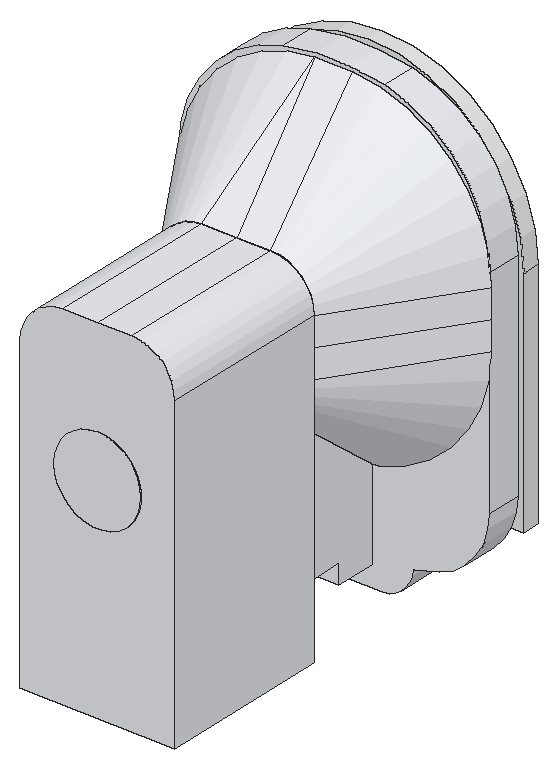
Revit family "Deca_Bacia Sanitária Convencional Vogue Plus_P.5", category Plumbing Fixtures, host Face, Revit 2012
Parameters (values of type "P.5_Branco Gelo GE17")
  WFU = 0
  Vendido Separadamente = "Anel de vedação (AV.90.01 ); Tubo de ligação com anel expansor: Cromado (1968.C), Branco (1968.E.BR), Dourado (1968.D).   Parafuso de fixação: Cromado (SP.121.01). Assentos Compatíveis:   Assento Plástico: Branco (AP.50.17), Creme(AP.50.37) e Cinza(AP.50.87).    Assento termofixo Slow Close e Easy Clean:  Branco(AP.516.17), Creme(AP.516.37) e Cinza(AP.516.87). Assento Poliéster - Fixação Cromada: Branco(AP.51.17), Creme(AP.51.37) e Cinza(AP.51.87).    Assento Poliéster - Fixação Dourada: Branco(AP.510.17), Creme(AP.510.37) e Cinza(AP.510.87)."  # constant formula
  Variações de COR = "Branco (P.5.17); Creme (P.5.37); Cinza (P.5.87)."  # constant formula
  URL = "www.deca.com.br/produtos"
  Segmento = "Médio"  # constant formula
  Raio Água Fria = 7.5 mm  # constant formula
  Raio Ponto de Esgoto = 50 mm  # constant formula
  Produto = "Bacia sanitária convencional Vogue Plus"  # constant formula
  Pressão = "2 a 40 mca"  # constant formula
  Peso Liquido (Kg) = 23
  Norma = "ABNT NBR 15097-1: 2011"  # constant formula
  Model = Código  # "P.5.17"
  Material = "Deca_Vitreous China"  # constant formula
  Manufacturer = "Deca"  # constant formula
  Louça/Metais = "Louça"  # constant formula
  Linha = "Vogue Plus"  # constant formula
  Informações Complementares = ""
  Flow Pressure = 0.00 psi
  Diâmetro Água Fria = Raio Água Fria * 2  # 15 mm
  Diâmetro Ponto de Esgoto = Raio Ponto de Esgoto * 2  # 100 mm
  Description = "Bacia sanitária convencional"  # constant formula
  Default Elevation = 0 mm
  Código = "P.5.17"
  Created by = "Contino/quattroD"  # constant formula
  Consumo = "6 lpf"  # constant formula
  CWFU = 0
  Bacia = Deca GE17 Branco Gelo Cerâmica
  Atendimento ao Cliente = "0800-011-7073"  # constant formula
  Assento - Family [instance] = Deca_Shared_Assento_P.505 : AP.50_Branco Gelo GE17
  Assembly Code = "D2010100"
  Approved by = "Contino/quattroD"  # constant formula
  Acompanha o Produto = ""
Types (3, lengths in mm): name | Peso Liquido (Kg) | Model | Código | Bacia | Assento - Family
  P.5_Branco Gelo GE17 | 23 | "P.5.17" | "P.5.17" | Deca GE17 Branco Gelo Cerâmica | Deca_Shared_Assento_P.505 : AP.50_Branco Gelo GE17
  P.5_Creme CR37 | 20.5 | "P.5.37" | "P.5.37" | Deca CR37 Creme Cerâmica | Deca_Shared_Assento_P.505 : AP.50_Creme CR37
  P.5_Cinza Real CZ87 | 20.5 | "P.5.87" | "P.5.87" | Deca CZ87 Cinza Real Cerâmica | Deca_Shared_Assento_P.505 : AP.50_Cinza Real CZ87
Reference planes
  plane 1 "Center (Front/Back)": y = 0
  plane 2: z = 0
  plane 3 "Center (Left/Right)": x = 0
  plane 4 "Top 1": y = 200
  plane 5 "Front 3": z = 300
  plane 6 "Front 1": z = 10
  plane 7 "Top 2": y = 380
  plane 8 "Front 4": z = 585
  plane 9 "Front 2": z = 172.813
Forms (mm)
  Extrusion 1, solid, material "Deca GE17 Branco Gelo Cerâmica" <- "Bacia"
    sketch origin (0, 0, 162.514) x (1, 0, 0) y (0, 0, 1)
      loop
        circle (0, 137.486) r 50
    from 0 to -5.261
  Extrusion 2, solid, not visible
    sketch origin (-150, -130, 0) x (1, 0, 0) y (0, 1, 0)
      loop
        circle (0, 330) r 6.35
    from 0 to -18.732
  Extrusion 3, solid, material "Deca GE17 Branco Gelo Cerâmica" <- "Bacia"
    sketch origin (0, 0, -20.288) x (1, 0, 0) y (0, 0, 1)
      loop
        line (-89.072, 75.287) -> (89.072, 75.287) -> (89.072, 433.147)
        arc (89.072, 433.147) -> (74.575, 468.147) -> (39.575, 482.644) r 49.497
        line (39.575, 482.644) -> (0, 482.644) -> (-39.575, 482.644)
        arc (-39.575, 482.644) -> (-74.575, 468.147) -> (-89.072, 433.147) r 49.497
        line (-89.072, 433.147) -> (-89.072, 75.287)
    from -200 to 0
  Extrusion 4, solid, material "Deca GE17 Branco Gelo Cerâmica" <- "Bacia"
    sketch origin (0, 0, -20.6) x (1, 0, 0) y (0, 0, 1)
      loop
        arc (-179.056, 199.574) -> (-163.296, 150.307) -> (-121.869, 119.334) r 84.886
        arc (-121.869, 119.334) -> (-107.155, 114.741) -> (-92.184, 111.074) r 247.093
        arc (-92.184, 111.074) -> (-80.524, 86.874) -> (-56.143, 75.599) r 39.79
        line (-56.143, 75.599) -> (56.143, 75.599)
        arc (56.143, 75.599) -> (80.526, 86.876) -> (92.184, 111.079) r 39.79
        arc (92.184, 111.079) -> (107.224, 114.764) -> (122.005, 119.381) r 247.592
        arc (122.005, 119.381) -> (163.338, 150.366) -> (179.056, 199.574) r 84.886
        line (179.056, 199.574) -> (179.056, 447.986)
        arc (179.056, 447.986) -> (145.172, 544.621) -> (58.359, 598.935) r 154.74
        arc (58.359, 598.935) -> (0, 605.442) -> (-58.359, 598.935) r 264.955
        arc (-58.359, 598.935) -> (-145.172, 544.621) -> (-179.056, 447.987) r 154.74
        line (-179.056, 447.987) -> (-179.056, 199.574)
    from -380 to -340
  Extrusion 5, solid, material "Deca GE17 Branco Gelo Cerâmica" <- "Bacia"
    sketch origin (0, 0, -21.85) x (0, 1, 0) y (0, 0, 1)
      loop
        line (200, 317.134) -> (200, 77.162) -> (258.669, 122.324) -> (292.274, 123.616) -> (292.274, 101.139) -> (340, 101.139) -> (340, 317.134) -> (200, 317.134)
    from -46.006 to 43.279
  Blend 6, solid, material "Deca GE17 Branco Gelo Cerâmica" <- "Bacia"
    base sketch origin (0, -72.626, 750.126) x (1, 0, 0) y (0, 0, 1)
      loop
        line (-89.072, -370.264) -> (-89.072, -403.262)
        arc (-89.072, -403.262) -> (-74.575, -438.262) -> (-39.575, -452.759) r 49.497
        line (-39.575, -452.759) -> (0, -452.759) -> (39.575, -452.759)
        arc (39.575, -452.759) -> (74.575, -438.262) -> (89.072, -403.262) r 49.497
        line (89.072, -403.262) -> (89.072, -370.264) -> (-89.072, -370.264)
    top sketch origin (0, -72.626, 750.126) x (1, 0, 0) y (0, 0, 1)
      loop
        line (-180.613, -370.264) -> (-180.613, -403.262)
        arc (-180.613, -403.262) -> (-134.583, -518.37) -> (-21.875, -570) r 166.94
        line (-21.875, -570) -> (21.875, -570)
        arc (21.875, -570) -> (134.583, -518.37) -> (180.613, -403.262) r 166.94
        line (180.613, -403.262) -> (180.613, -370.264) -> (-180.613, -370.264)
    from -272.626 to -412.626
  Blend 7, solid, material "Deca GE17 Branco Gelo Cerâmica" <- "Bacia"
    base sketch origin (0, -72.626, 9.598) x (1, 0, 0) y (0, 0, 1)
      loop
        line (-89.072, 370.264) -> (89.072, 370.264) -> (89.072, 403.262)
        arc (89.072, 403.262) -> (74.575, 438.262) -> (39.575, 452.759) r 49.497
        line (39.575, 452.759) -> (0, 452.759) -> (-39.575, 452.759)
        arc (-39.575, 452.759) -> (-74.575, 438.262) -> (-89.072, 403.262) r 49.497
        line (-89.072, 403.262) -> (-89.072, 370.264)
    top sketch origin (0, -72.626, 9.598) x (1, 0, 0) y (0, 0, 1)
      loop
        line (-180.613, 370.264) -> (180.613, 370.264) -> (180.613, 403.262)
        arc (180.613, 403.262) -> (134.583, 518.37) -> (21.875, 570) r 166.94
        line (21.875, 570) -> (-21.875, 570)
        arc (-21.875, 570) -> (-134.583, 518.37) -> (-180.613, 403.262) r 166.94
        line (-180.613, 403.262) -> (-180.613, 370.264)
    from -272.626 to -412.626
Lines and regions (mm)
  Masking region 1
    outline origin (-1074.976, 0, -15.357) x (1, 0, 0) y (0, 0, 1)
      loop
        arc (1016.617, 593.692) -> (929.804, 539.378) -> (895.92, 442.743) r 154.74
        line (895.92, 442.743) -> (895.92, 194.331)
        arc (895.92, 194.331) -> (911.68, 145.064) -> (953.107, 114.091) r 84.886
        arc (953.107, 114.091) -> (967.821, 109.497) -> (982.792, 105.83) r 247.093
        arc (982.792, 105.83) -> (995.739, 80.419) -> (1022.364, 70.199) r 39.79
        line (1022.364, 70.199) -> (1127.587, 70.199)
        arc (1127.587, 70.199) -> (1154.214, 80.421) -> (1167.16, 105.836) r 39.79
        arc (1167.16, 105.836) -> (1182.2, 109.52) -> (1196.981, 114.138) r 247.592
        arc (1196.981, 114.138) -> (1238.314, 145.123) -> (1254.032, 194.331) r 84.886
        line (1254.032, 194.331) -> (1254.032, 442.743)
        arc (1254.032, 442.743) -> (1220.148, 539.378) -> (1133.335, 593.692) r 154.74
        arc (1133.335, 593.692) -> (1074.976, 600.199) -> (1016.617, 593.692) r 264.955
  Masking region 2
    outline origin (0, -233.265, 1519.86) x (0, 0, -1) y (0, 1, 0)
      loop
        line (1430.605, 613.265) -> (943.539, 613.265)
        arc (943.539, 613.265) -> (937.297, 610.884) -> (934.584, 604.779) r 8.701
        arc (934.584, 604.779) -> (940.322, 567.814) -> (956.35, 534.014) r 129.973
        arc (956.35, 534.014) -> (996.969, 487.523) -> (1048.235, 453.125) r 236.543
        arc (1048.235, 453.125) -> (1060.719, 441.309) -> (1064.339, 424.505) r 29.05
        arc (1064.339, 424.505) -> (1056.666, 329.001) -> (1052.835, 233.265) r 2384.996
        line (1052.835, 233.265) -> (1466.602, 233.265) -> (1466.415, 410.392)
        arc (1466.415, 410.392) -> (1465.945, 416.407) -> (1465.445, 422.421) r 1191.948
        arc (1465.445, 422.421) -> (1455.087, 453.998) -> (1432.092, 477.992) r 74.942
        arc (1432.092, 477.992) -> (1422.82, 487.888) -> (1419.04, 500.912) r 29.095
        line (1419.04, 500.912) -> (1418.094, 525.539) -> (1440.571, 525.539) -> (1440.571, 603.299)
        arc (1440.571, 603.299) -> (1437.652, 610.346) -> (1430.605, 613.265) r 9.966
  Masking region 3
    outline origin (0, -558.935, 0) x (1, 0, 0) y (0, 1, 0)
      loop
        arc (-171.213, 938.935) -> (-175.595, 937.42) -> (-176.992, 932.999) r 5.159
        line (-176.992, 932.999) -> (-174.091, 909.333)
        arc (-174.091, 909.333) -> (-162.805, 869.063) -> (-140.251, 833.845) r 141.659
        arc (-140.251, 833.845) -> (-124.643, 817.628) -> (-107.426, 803.131) r 215.132
        arc (-107.426, 803.131) -> (-86.36, 777.28) -> (-80.329, 744.482) r 67.148
        line (-80.329, 744.482) -> (-88.641, 558.935) -> (88.641, 558.935) -> (80.203, 746.964)
        arc (80.203, 746.964) -> (86.892, 778.403) -> (107.426, 803.131) r 67.148
        arc (107.426, 803.131) -> (124.663, 817.647) -> (140.288, 833.886) r 215.286
        arc (140.288, 833.886) -> (162.816, 869.088) -> (174.091, 909.333) r 141.659
        line (174.091, 909.333) -> (176.992, 932.999)
        arc (176.992, 932.999) -> (175.595, 937.42) -> (171.213, 938.935) r 5.159
        line (171.213, 938.935) -> (-171.213, 938.935)
  symbolic lines
    curve 1: line (-171.213, 380, 0) -> (171.213, 380, 0)
    curve 2: arc (-87.244, 204.637, 0) -> (0, 190.501, 0) -> (87.244, 204.637, 0) r 276.28
    curve 3: arc (49.678, 0, 85.251) -> (86.347, 0, 89.314) -> (122.005, 0, 98.781) r 247.592
    curve 4: arc (52.611, 0, 54.842) -> (78.979, 0, 64.833) -> (92.106, 0, 89.789) r 39.79
    curve 5: line (52.611, 0, 54.842) -> (-52.611, 0, 54.842)
    curve 6: arc (-92.106, 0, 89.789) -> (-78.979, 0, 64.833) -> (-52.611, 0, 54.842) r 39.79
    curve 7: arc (-48.632, 0, 63.684) -> (-46.042, 0, 57.432) -> (-39.79, 0, 54.842) r 8.842
    curve 8: line (-48.632, 0, 85.438) -> (-48.632, 0, 63.684)
    curve 9: arc (39.799, 0, 54.842) -> (46.046, 0, 57.435) -> (48.633, 0, 63.684) r 8.842
    curve 10: line (48.633, 0, 85.438) -> (48.633, 0, 63.684)
    curve 11: arc (77.812, 0, 153.331) -> (70.296, 0, 145.816) -> (77.812, 0, 138.3) r 7.516
    curve 12: arc (77.812, 0, 138.3) -> (85.328, 0, 145.816) -> (77.812, 0, 153.331) r 7.516
    curve 13: arc (-77.812, 0, 153.331) -> (-85.328, 0, 145.816) -> (-77.812, 0, 138.3) r 7.516
    curve 14: arc (-77.812, 0, 138.3) -> (-70.296, 0, 145.816) -> (-77.812, 0, 153.331) r 7.516
    curve 15: line (-46.847, 0, 145.816) -> (-101.594, 0, 145.816)
    curve 16: line (-77.812, 0, 166.265) -> (-77.812, 0, 126.768)
    curve 17: line (77.812, 0, 160.52) -> (77.812, 0, 131.167)
    curve 18: line (99.16, 0, 145.816) -> (56.76, 0, 145.816)
    curve 19: arc (-102.612, 0, 209.614) -> (-0.045, 0, 186.893) -> (102.53, 0, 209.576) r 243.065
    curve 20: arc (102.53, 0, 209.576) -> (125.179, 0, 229.496) -> (133.271, 0, 258.554) r 52.935
    curve 21: arc (-133.271, 0, 258.553) -> (-125.183, 0, 229.547) -> (-102.612, 0, 209.614) r 53.054
    curve 22: arc (-133.271, 0, 258.553) -> (-132.601, 0, 344.247) -> (-133.304, 0, 429.94) r 5347.488
    curve 23: arc (133.304, 0, 429.943) -> (132.602, 0, 344.248) -> (133.271, 0, 258.554) r 5353.993
    curve 24: arc (77.644, 0, 240.186) -> (117.75, 0, 272.937) -> (132.641, 0, 322.529) r 88.423
    curve 25: arc (-77.72, 0, 240.217) -> (-0.041, 0, 224.917) -> (77.644, 0, 240.186) r 205.041
    curve 26: arc (-132.639, 0, 322.781) -> (-117.842, 0, 273.076) -> (-77.72, 0, 240.217) r 88.423
    curve 27: arc (-123.804, 0, 321.337) -> (-109.382, 0, 274.483) -> (-70.86, 0, 244.161) r 82.233
    curve 28: arc (-70.86, 0, 244.161) -> (-0.034, 0, 231.108) -> (70.797, 0, 244.137) r 198.861
    curve 29: arc (70.797, 0, 244.137) -> (109.363, 0, 274.455) -> (123.804, 0, 321.337) r 82.233
    curve 30: arc (124.464, 0, 430.117) -> (123.858, 0, 375.729) -> (123.804, 0, 321.337) r 5362.804
    curve 31: arc (124.464, 0, 430.117) -> (103.548, 0, 490.327) -> (48.728, 0, 522.846) r 92.805
    curve 32: arc (48.728, 0, 522.846) -> (0.033, 0, 527.359) -> (-48.663, 0, 522.858) r 265.268
    curve 33: arc (-48.663, 0, 522.858) -> (-103.528, 0, 490.333) -> (-124.463, 0, 430.085) r 92.844
    curve 34: arc (-123.804, 0, 321.337) -> (-123.857, 0, 375.713) -> (-124.463, 0, 430.085) r 5362.805
    curve 35: arc (133.304, 0, 429.943) -> (110.398, 0, 495.946) -> (50.286, 0, 531.55) r 101.592
    curve 36: arc (50.286, 0, 531.55) -> (0, 0, 536.202) -> (-50.285, 0, 531.55) r 274.11
    curve 37: arc (-50.285, 0, 531.55) -> (-110.376, 0, 495.927) -> (-133.304, 0, 429.94) r 101.686
    curve 38: line (-38.022, 0, 262.763) -> (-38.022, 0, 234.777)
    curve 39: arc (38.022, 0, 262.644) -> (0.06, 0, 300.665) -> (-38.022, 0, 262.763) r 38.022
    curve 40: line (38.022, 0, 262.644) -> (38.022, 0, 234.777)
    curve 50: arc (0, 380, 89.255) -> (0, 377.081, 82.208) -> (0, 370.034, 79.289) r 9.966
    curve 51: line (0, 380, 89.255) -> (0, 380, 576.32)
    curve 52: arc (0, 371.513, 585.276) -> (0, 377.619, 582.563) -> (0, 380, 576.32) r 8.701
    curve 53: arc (0, 300.749, 563.51) -> (0, 334.549, 579.538) -> (0, 371.513, 585.276) r 129.973
    curve 54: arc (0, 217.192, 466.06) -> (0, 252.234, 520.562) -> (0, 300.749, 563.51) r 236.543
    curve 55: arc (0, 219.86, 471.625) -> (0, 208.044, 459.141) -> (0, 191.24, 455.521) r 29.05
    curve 56: arc (0, 4.073, 466.94) -> (0, 97.769, 463.071) -> (0, 191.24, 455.521) r 2384.996
    curve 57: arc (0, 0, 462.955) -> (0, 1.198, 465.804) -> (0, 4.073, 466.94) r 3.986
    curve 58: line (0, 0, 57.249) -> (0, 0, 462.955)
    curve 59: arc (0, 3.986, 53.262) -> (0, 1.168, 54.43) -> (0, 0, 57.249) r 3.986
    curve 60: line (0, 3.986, 53.262) -> (0, 177.126, 53.445)
    curve 61: arc (0, 244.727, 87.768) -> (0, 220.733, 64.773) -> (0, 189.156, 54.415) r 74.942
    curve 62: line (0, 267.646, 100.819) -> (0, 292.274, 101.766)
    curve 63: arc (0, 244.727, 87.768) -> (0, 254.623, 97.04) -> (0, 267.646, 100.819) r 29.095
    curve 64: line (0, 189.156, 54.415) -> (0, 189.155, 187.565)
    curve 65: arc (0, 189.156, 54.415) -> (0, 183.142, 53.914) -> (0, 177.126, 53.445) r 1191.948
    curve 66: line (0, 177.126, 53.445) -> (0, 177.14, 198.817)
    curve 67: arc (0, 177.14, 198.817) -> (0, 179.817, 203.438) -> (0, 185.158, 203.402) r 5.316
    curve 68: arc (0, 347.72, 167.848) -> (0, 263.593, 172.596) -> (0, 185.164, 203.398) r 266.208
    curve 69: arc (0, 210.245, 240.279) -> (0, 201.873, 356.499) -> (0, 219.86, 471.625) r 514.657
    curve 70: arc (0, 133.835, 303.356) -> (0, 168.705, 263.724) -> (0, 133.835, 224.091) r 39.958
    curve 71: line (0, 37.959, 217.152) -> (0, 133.835, 224.091)
    curve 72: line (0, 133.835, 303.356) -> (0, 37.959, 310.295)
    curve 73: arc (0, 29.523, 300.741) -> (0, 31.691, 307.328) -> (0, 37.959, 310.295) r 8.791
    curve 74: line (0, 29.523, 226.706) -> (0, 29.523, 300.741)
    curve 75: arc (0, 37.959, 217.152) -> (0, 31.471, 220.379) -> (0, 29.609, 227.381) r 8.792
    curve 76: arc (0, 29.523, 300.695) -> (0, 32.054, 264.041) -> (0, 29.609, 227.381) r 271.324
    curve 77: line (0, 292.274, 101.766) -> (0, 292.274, 79.289)
    curve 78: line (0, 292.274, 79.289) -> (0, 370.034, 79.289)
    curve 79: line (0, 347.72, 79.289) -> (0, 347.72, 257.357)
    curve 80: arc (0, 347.72, 257.357) -> (0, 349.487, 275.343) -> (0, 354.746, 292.634) r 91.746
    curve 81: arc (0, 368.655, 334.535) -> (0, 366.487, 322.947) -> (0, 362.727, 311.773) r 84.507
    curve 82: line (0, 368.655, 334.535) -> (0, 368.655, 416.151)
    curve 83: line (0, 354.746, 292.634) -> (0, 362.727, 311.773)
  symbolic lines, style "PlumbingFixtures"
    curve 41: arc (122.005, 0, 98.781) -> (163.338, 0, 129.766) -> (179.056, 0, 178.974) r 84.886
    curve 42: line (179.056, 0, 427.386) -> (179.056, 0, 178.974)
    curve 43: arc (179.056, 0, 427.386) -> (145.172, 0, 524.021) -> (58.359, 0, 578.335) r 154.74
    curve 44: arc (58.359, 0, 578.335) -> (0, 0, 584.842) -> (-58.359, 0, 578.335) r 264.955
    curve 45: arc (-58.359, 0, 578.335) -> (-145.172, 0, 524.021) -> (-179.056, 0, 427.387) r 154.74
    curve 46: line (-179.056, 0, 427.387) -> (-179.056, 0, 178.974)
    curve 47: arc (-179.056, 0, 178.974) -> (-163.296, 0, 129.707) -> (-121.869, 0, 98.734) r 84.886
    curve 48: arc (-121.869, 0, 98.734) -> (-86.279, 0, 89.296) -> (-49.682, 0, 85.251) r 247.093
    curve 49: arc (-49.682, 0, 85.251) -> (-0.002, 0, 84.362) -> (49.678, 0, 85.251) r 1388.236
    curve 84: line (-171.213, 380, 0) -> (171.213, 380, 0)
    curve 85: arc (-171.213, 380, 0) -> (-175.595, 378.485, 0) -> (-176.992, 374.065, 0) r 5.159
    curve 86: line (-176.992, 374.065, 0) -> (-174.091, 350.398, 0)
    curve 87: arc (-174.091, 350.398, 0) -> (-162.805, 310.129, 0) -> (-140.251, 274.91, 0) r 141.659
    curve 88: arc (-140.251, 274.91, 0) -> (-124.643, 258.694, 0) -> (-107.426, 244.197, 0) r 215.132
    curve 89: arc (-80.329, 185.547, 0) -> (-86.36, 218.345, 0) -> (-107.426, 244.197, 0) r 67.148
    curve 90: line (-88.641, 0, 0) -> (-80.329, 185.547, 0)
    curve 91: line (-88.641, 0, 0) -> (88.641, 0, 0)
    curve 92: line (80.203, 188.03, 0) -> (88.641, 0, 0)
    curve 93: arc (107.426, 244.197, 0) -> (86.522, 218.694, 0) -> (80.28, 186.315, 0) r 67.148
    curve 94: arc (107.426, 244.197, 0) -> (124.663, 258.713, 0) -> (140.288, 274.951, 0) r 215.286
    curve 95: arc (140.288, 274.951, 0) -> (162.816, 310.154, 0) -> (174.091, 350.398, 0) r 141.659
    curve 96: line (174.091, 350.398, 0) -> (176.992, 374.064, 0)
    curve 97: line (-171.213, 380, 0) -> (171.213, 380, 0)
    curve 98: arc (171.213, 380, 0) -> (175.595, 378.485, 0) -> (176.992, 374.064, 0) r 5.159
Dimensions and locks
  plane 6 "Front 1" to plane 8 "Front 4" = 575 mm
  plane 1 "Center (Front/Back)" to plane 7 "Top 2" = 380 mm
  plane 8 "Front 4" to host face = 585 mm
  plane 9 "Front 2" to plane 6 "Front 1" = 162.813 mm
  plane 6 "Front 1" to plane 9 "Front 2" = 162.813 mm
  plane 6 "Front 1" to level = 10 mm
  plane 6 "Front 1" to plane 2 = 10 mm
  curve 44 to host face = 584.842 mm
  aligned and locked: host face to plane 2
  aligned and locked: level to host face
Nested families
  nested 1: "Deca_Shared_Assento_P.505" at (0, 380, 152.838), type <- "Assento - Family", type "AP.50_Branco Gelo GE17"
Connectors
  piping at (0, 0, 300), driven by "Raio Ponto de Esgoto", driven by "WFU"
    settings: on Extrusion 1, index 1, connector radius 1.9685", flow factor 0, pipe flow 0 GPM, pressure drop 0.00 psi, fitting loss kfactor 0, connector angle 0.00°, fixture units 0, engagement length 0 mm, flow configuration 3, flow direction 2, fitting loss method 0, system type 16, joint type 0, gender type 0, connector reference index -1, connector utility 0, adjustable connector no, is connector primary yes, fitting loss table "", connector description ""
  piping at (-150, 200, 0), driven by "Raio Água Fria", driven by "Flow Pressure", driven by "CWFU"
    settings: on Extrusion 2, index 2, connector radius 0.29528", flow factor 0, pipe flow 0 GPM, pressure drop 0.00 psi, fitting loss kfactor 0, connector angle 0.00°, fixture units 0, engagement length 0 mm, flow configuration 3, flow direction 1, fitting loss method 4, system type 20, joint type 0, gender type 0, connector reference index -1, connector utility 0, adjustable connector no, is connector primary no, fitting loss table "", connector description ""
Definition of nested family "Deca_Shared_Assento_P.505"
  Parameters (values of type "AP.50_Branco Gelo GE17")
    Vendido Separadamente = ""
    Variações de COR = "Branco (AP.50.17), Creme (AP.50.37), Cinza (AP.50.87)."
    URL = "www.deca.com.br/produtos"
    Segmento = "Médio"
    Produto = "Assento Plástico para linha Vogue Plus"
    Peso Liquido (Kg) = 1.14
    P.52 = no
    P.51.510 = no
    P.50 = yes
    Norma = "Não se Aplica"
    Model = "AP.50.17"
    Material = "Deca_Polipropileno"
    Manufacturer = "Deca"
    Louça/Metais = "Louça"
    Linha = "Vogue Plus"
    Informações Complementares = ""
    Description = "Assento Plástico para linha Vogue Plus"
    Código = "AP.50.17"
    Atendimento ao Cliente = "0800-0117073"
    Assento Não = no
    Assento 3D = yes
    Assento = Deca GE17 Branco Gelo Plástico
    Assembly Code = "D2010100"
    Acompanha o Produto = ""
  Types (13, lengths in mm): name | Variações de COR | URL | Segmento | Produto | Peso Liquido (Kg) | P.52 | P.51.510 | P.50 | Norma | Model | Material | Manufacturer | Louça/Metais | Linha | Description | Código | Atendimento ao Cliente | Assento Não | Assento 3D | Assento | Assembly Code
    AP.50_Branco Gelo GE17 | "Branco (AP.50.17), Creme (AP.50.37), Cinza (AP.50.87)." | "www.deca.com.br/produtos" | "Médio" | "Assento Plástico para linha Vogue Plus" | 1.14 | no | no | yes | "Não se Aplica" | "AP.50.17" | "Deca_Polipropileno" | "Deca" | "Louça" | "Vogue Plus" | "Assento Plástico para linha Vogue Plus" | "AP.50.17" | "0800-0117073" | no | yes | Deca GE17 Branco Gelo Plástico | "D2010100"
    AP.50_Creme CR37 | "Branco (AP.50.17), Creme (AP.50.37), Cinza (AP.50.87)." | "www.deca.com.br/produtos" | "Médio" | "Assento Plástico para linha Vogue Plus" | 1.14 | no | no | yes | "Não se Aplica" | "AP.50.37" | "Deca_Polipropileno" | "Deca" | "Louça" | "Vogue Plus" | "Assento Plástico para linha Vogue Plus" | "AP.50.37" | "0800-0117073" | no | yes | Deca CR37 Creme Plástico | "D2010100"
    AP.50_Cinza Real CZ87 | "Branco (AP.50.17), Creme (AP.50.37), Cinza (AP.50.87)." | "www.deca.com.br/produtos" | "Médio" | "Assento Plástico para linha Vogue Plus" | 1.14 | no | no | yes | "Não se Aplica" | "AP.50.87" | "Deca_Polipropileno" | "Deca" | "Louça" | "Vogue Plus" | "Assento Plástico para linha Vogue Plus" | "AP.50.87" | "0800-0117073" | no | yes | Deca CZ87 Cinza Real Plástico | "D2010100"
    AP.52_Branco Gelo GE17 | "Branco (AP.52.17), Creme (AP.52.37), Cinza (AP.52.87)." | "www.deca.com.br/produtos" | "Médio" | "Assento Especial para linha Vogue Plus Conforto " | 3.6 | yes | no | no | "Não se Aplica" | "AP.52.17" | "Deca_Poliéster e latão cromado" | "Deca" | "Louça" | "Vogue Plus Conforto" | "Assento Especial para linha Vogue Plus Conforto " | "AP.52.17" | "0800-0117073" | no | yes | Deca GE17 Branco Gelo Poliéster | "D2010100"
    AP.52_Creme CR37 | "Branco (AP.52.17), Creme (AP.52.37), Cinza (AP.52.87)." | "www.deca.com.br/produtos" | "Médio" | "Assento Especial para linha Vogue Plus Conforto " | 3.6 | yes | no | no | "Não se Aplica" | "AP.52.37" | "Deca_Poliéster e latão cromado" | "Deca" | "Louça" | "Vogue Plus Conforto" | "Assento Especial para linha Vogue Plus Conforto " | "AP.52.37" | "0800-0117073" | no | yes | Deca CR37 Creme Poliéster | "D2010100"
    AP.52_Cinza Real CZ87 | "Branco (AP.52.17), Creme (AP.52.37), Cinza (AP.52.87)." | "www.deca.com.br/produtos" | "Médio" | "Assento Especial para linha Vogue Plus Conforto " | 3.6 | yes | no | no | "Não se Aplica" | "AP.52.87" | "Deca_Poliéster e latão cromado" | "Deca" | "Louça" | "Vogue Plus Conforto" | "Assento Especial para linha Vogue Plus Conforto " | "AP.52.87" | "0800-0117073" | no | yes | Deca CZ87 Cinza Real Poliéster | "D2010100"
    AP.51_Branco Gelo GE17 | "Branco (AP.51.17), Creme (AP.51.37), Cinza (AP.51.87)." | "www.deca.com.br/produtos" | "Médio" | "Assento Poliéster para bacia Vogue Plus - Fixação Cromada" | 3.4 | no | yes | no | "Não se Aplica" | "AP.51.17" | "Deca_Poliéster e latão cromado" | "Deca" | "Louça" | "Vogue Plus " | "Assento Poliéster para bacia Vogue Plus - Fixação Cromada" | "AP.51.17" | "0800-0117073" | no | yes | Deca GE17 Branco Gelo Poliéster | "D2010100"
    AP.51_Creme CR37 | "Branco (AP.51.17), Creme (AP.51.37), Cinza (AP.51.87)." | "www.deca.com.br/produtos" | "Médio" | "Assento Poliéster para bacia Vogue Plus - Fixação Cromada" | 3.4 | no | yes | no | "Não se Aplica" | "AP.51.37" | "Deca_Poliéster e latão cromado" | "Deca" | "Louça" | "Vogue Plus " | "Assento Poliéster para bacia Vogue Plus - Fixação Cromada" | "AP.51.37" | "0800-0117073" | no | yes | Deca CR37 Creme Poliéster | "D2010100"
    AP.51_Cinza Real CZ87 | "Branco (AP.51.17), Creme (AP.51.37), Cinza (AP.51.87)." | "www.deca.com.br/produtos" | "Médio" | "Assento Poliéster para bacia Vogue Plus - Fixação Cromada" | 3.4 | no | yes | no | "Não se Aplica" | "AP.51.87" | "Deca_Poliéster e latão cromado" | "Deca" | "Louça" | "Vogue Plus " | "Assento Poliéster para bacia Vogue Plus - Fixação Cromada" | "AP.51.87" | "0800-0117073" | no | yes | Deca CZ87 Cinza Real Poliéster | "D2010100"
    AP.510_Cinza Real CZ87 | "Branco (AP.510.17), Creme (AP.510.37), Cinza (AP.510.87)." | "www.deca.com.br/produtos" | "Médio" | "Assento Poliéster para bacia Vogue Plus - Fixação Dourada" | 3.6 | no | yes | no | "Não se Aplica" | "AP.510.87" | "Deca_Poliéster e latão cromado" | "Deca" | "Louça" | "Vogue Plus " | "Assento Poliéster para bacia Vogue Plus - Fixação Dourada" | "AP.510.87" | "0800-0117073" | no | yes | Deca CZ87 Cinza Real Poliéster | "D2010100"
    AP.510_Creme CR37 | "Branco (AP.510.17), Creme (AP.510.37), Cinza (AP.510.87)." | "www.deca.com.br/produtos" | "Médio" | "Assento Poliéster para bacia Vogue Plus - Fixação Dourada" | 3.6 | no | yes | no | "Não se Aplica" | "AP.510.37" | "Deca_Poliéster e latão cromado" | "Deca" | "Louça" | "Vogue Plus " | "Assento Poliéster para bacia Vogue Plus - Fixação Dourada" | "AP.510.37" | "0800-0117073" | no | yes | Deca CR37 Creme Poliéster | "D2010100"
    AP.510_Branco Gelo GE17 | "Branco (AP.510.17), Creme (AP.510.37), Cinza (AP.510.87)." | "www.deca.com.br/produtos" | "Médio" | "Assento Poliéster para bacia Vogue Plus - Fixação Dourada" | 3.6 | no | yes | no | "Não se Aplica" | "AP.510.17" | "Deca_Poliéster e latão cromado" | "Deca" | "Louça" | "Vogue Plus " | "Assento Poliéster para bacia Vogue Plus - Fixação Dourada" | "AP.510.17" | "0800-0117073" | no | yes | Deca GE17 Branco Gelo Poliéster | "D2010100"
    Assento Não | "" | "" | "" | "" | 0 | no | no | no | "" | "" | "" | "" | "" | "" | "" | "" | "" | yes | no | none | ""
  Reference planes
    plane 1 "Center (Front/Back)": y = 0
    plane 2: z = 0
    plane 3 "Center (Left/Right)": x = 0
  Forms (mm)
    Extrusion 1, solid, material "Deca GE17 Branco Gelo Plástico" <- "Assento", visible <- "Assento 3D"
      sketch origin (0, 0, -15) x (1, 0, 0) y (0, 0, 1)
        loop
          line (178.75, 0) -> (178.75, 267.436)
          arc (178.75, 267.436) -> (0, 446.186) -> (-178.75, 267.436) r 178.75
          line (-178.75, 267.436) -> (-178.75, 0) -> (178.75, 0)
      from -9 to -29.2
  Lines and regions (mm)
    Masking region 1, visible <- "P.52"
      outline origin (-1484.293, -286.958, 0) x (1, 0, 0) y (0, 1, 0)
        loop
          line (1314.206, 316.158) -> (1654.698, 316.158) -> (1653.837, 328.237)
          arc (1653.837, 328.237) -> (1653.275, 329.596) -> (1651.916, 330.158) r 1.921
          line (1651.916, 330.158) -> (1316.987, 330.158)
          arc (1316.987, 330.158) -> (1315.629, 329.596) -> (1315.067, 328.237) r 1.921
          line (1315.067, 328.237) -> (1314.206, 316.158)
        loop
          line (1304.808, 294.374) -> (1663.784, 294.374) -> (1663.259, 304.396)
          arc (1663.259, 304.396) -> (1661.758, 307.689) -> (1658.415, 309.074) r 4.937
          line (1658.415, 309.074) -> (1310.477, 309.074)
          arc (1310.477, 309.074) -> (1307.026, 307.606) -> (1305.321, 304.266) r 5.493
          line (1305.321, 304.266) -> (1304.808, 294.374)
    Masking region 2, visible <- "P.52"
      outline origin (-376.982, 0, -679.012) x (1, 0, 0) y (0, 0, 1)
        loop
          arc (197.783, 771.891) -> (211.889, 737.836) -> (245.944, 723.73) r 48.161
          arc (245.944, 723.73) -> (261.855, 722.296) -> (277.783, 721.046) r 1374.111
          line (277.783, 721.046) -> (277.783, 709.239) -> (276.839, 709.239)
          spline (276.839, 709.239) -> (276.385, 709.106) -> (275.961, 708.716) -> (275.597, 708.097) -> (275.318, 707.289) -> (275.143, 706.348) -> (275.083, 705.339) -> (275.143, 704.329) -> (275.318, 703.389) -> (275.597, 702.581) -> (275.961, 701.961) -> (276.385, 701.572) -> (276.839, 701.439)
          line (276.839, 701.439) -> (277.783, 701.439) -> (277.783, 698.939) -> (292.595, 698.939) -> (292.595, 675.969)
          arc (292.595, 675.969) -> (302.24, 666.324) -> (311.885, 675.969) r 9.645
          line (311.885, 675.969) -> (311.885, 698.939) -> (326.697, 698.939) -> (326.697, 701.439) -> (327.641, 701.439)
          spline (327.641, 701.439) -> (328.095, 701.572) -> (328.519, 701.961) -> (328.883, 702.581) -> (329.162, 703.389) -> (329.337, 704.329) -> (329.397, 705.339) -> (329.337, 706.348) -> (329.162, 707.289) -> (328.883, 708.097) -> (328.519, 708.716) -> (328.095, 709.106) -> (327.641, 709.239)
          line (327.641, 709.239) -> (326.697, 709.239) -> (326.697, 718.371)
          arc (326.697, 718.371) -> (377.294, 717.439) -> (427.891, 718.372) r 1374.111
          line (427.891, 718.372) -> (427.891, 709.239) -> (426.948, 709.239)
          spline (426.948, 709.239) -> (426.493, 709.106) -> (426.069, 708.716) -> (425.706, 708.097) -> (425.427, 707.289) -> (425.251, 706.348) -> (425.191, 705.339) -> (425.251, 704.329) -> (425.427, 703.389) -> (425.706, 702.581) -> (426.069, 701.961) -> (426.493, 701.572) -> (426.948, 701.439)
          line (426.948, 701.439) -> (427.891, 701.439) -> (427.891, 698.939) -> (442.704, 698.939) -> (442.704, 675.969)
          arc (442.704, 675.969) -> (452.348, 666.324) -> (461.993, 675.969) r 9.645
          line (461.993, 675.969) -> (461.993, 698.939) -> (476.806, 698.939) -> (476.806, 701.439) -> (477.749, 701.439)
          spline (477.749, 701.439) -> (478.204, 701.572) -> (478.627, 701.961) -> (478.991, 702.581) -> (479.27, 703.389) -> (479.446, 704.329) -> (479.506, 705.339) -> (479.446, 706.348) -> (479.27, 707.289) -> (478.991, 708.097) -> (478.627, 708.716) -> (478.204, 709.106) -> (477.749, 709.239)
          line (477.749, 709.239) -> (476.806, 709.239) -> (476.806, 721.092)
          arc (476.806, 721.092) -> (492.42, 722.322) -> (508.02, 723.73) r 1374.111
          arc (508.02, 723.73) -> (542.075, 737.836) -> (556.181, 771.891) r 48.161
          line (556.181, 771.891) -> (556.181, 957.168)
          arc (556.181, 957.168) -> (539.919, 1025.086) -> (494.662, 1078.274) r 149.963
          arc (494.662, 1078.274) -> (485.576, 1080.498) -> (476.923, 1076.944) r 15.101
          arc (476.923, 1076.944) -> (376.982, 1101.438) -> (277.041, 1076.944) r 216.137
          arc (277.041, 1076.944) -> (268.388, 1080.498) -> (259.302, 1078.274) r 15.101
          arc (259.302, 1078.274) -> (214.044, 1025.086) -> (197.783, 957.168) r 149.963
          line (197.783, 957.168) -> (197.783, 771.891)
    Masking region 3, visible <- "P.52"
      outline origin (0, -345.305, -140.092) x (0, 1, 0) y (0, 0, 1)
        loop
          line (388.505, 179.926) -> (388.505, 560.561)
          arc (388.505, 560.561) -> (387.956, 561.938) -> (386.61, 562.558) r 2
          line (386.61, 562.558) -> (374.505, 563.192) -> (374.505, 225.192) -> (372.505, 225.192) -> (371.665, 179.932)
          spline (371.665, 179.932) -> (371.329, 178.322) -> (370.397, 176.806) -> (368.933, 175.484) -> (367.032, 174.443) -> (364.821, 173.753) -> (362.445, 173.458) -> (360.062, 173.579) -> (357.829, 174.107) -> (355.895, 175.007) -> (354.386, 176.221) -> (353.403, 177.667) -> (353.011, 179.25)
          line (353.011, 179.25) -> (367.421, 180.005) -> (367.421, 536.593)
          arc (367.421, 536.593) -> (366.069, 540.055) -> (362.711, 541.648) r 5.038
          line (362.711, 541.648) -> (352.721, 542.3) -> (352.721, 225.365) -> (350.721, 225.4) -> (349.86, 176.089) -> (355.078, 166.591) -> (349.323, 161.274)
          arc (349.323, 161.274) -> (346.354, 157.104) -> (345.305, 152.092) r 12.5
          line (345.305, 152.092) -> (345.305, 128.092) -> (347.131, 128.092) -> (347.247, 134.742) -> (356.31, 134.742)
          spline (356.31, 134.742) -> (357.031, 134.959) -> (357.702, 135.593) -> (358.279, 136.602) -> (358.722, 137.917) -> (359, 139.449) -> (359.095, 141.092) -> (359, 142.736) -> (358.722, 144.267) -> (358.279, 145.583) -> (357.702, 146.592) -> (357.031, 147.226) -> (356.31, 147.442)
          line (356.31, 147.442) -> (347.559, 147.442) -> (347.559, 152.647)
          arc (347.559, 152.647) -> (351.16, 159.336) -> (358.292, 161.952) r 10.706
          arc (358.292, 161.952) -> (363.417, 160.828) -> (367.661, 163.915) r 6.4
          arc (367.661, 163.915) -> (371.993, 171.138) -> (374.462, 179.19) r 34.778
          line (374.462, 179.19) -> (388.505, 179.926)
    Masking region 4, visible <- "P.51.510"
      outline origin (0, -345.305, -140.092) x (0, 1, 0) y (0, 0, 1)
        loop
          line (387.947, 179.847) -> (387.947, 560.473)
          arc (387.947, 560.473) -> (387.398, 561.85) -> (386.052, 562.47) r 2
          line (386.052, 562.47) -> (373.947, 563.105) -> (373.947, 225.192) -> (372.505, 225.192) -> (371.66, 180.227)
          spline (371.66, 180.227) -> (371.427, 178.588) -> (370.575, 177.026) -> (369.161, 175.65) -> (367.282, 174.552) -> (365.066, 173.808) -> (362.664, 173.468) -> (360.24, 173.555) -> (357.958, 174.064) -> (355.975, 174.959) -> (354.425, 176.18) -> (353.414, 177.644) -> (353.011, 179.25)
          line (353.011, 179.25) -> (366.947, 179.98) -> (366.947, 569.441)
          arc (366.947, 569.441) -> (366.398, 570.817) -> (365.052, 571.438) r 2
          line (365.052, 571.438) -> (352.247, 572.109) -> (352.247, 225.139) -> (349.705, 225.183) -> (349.705, 176.371) -> (355.078, 166.591) -> (349.323, 161.274)
          arc (349.323, 161.274) -> (346.354, 157.104) -> (345.305, 152.092) r 12.5
          line (345.305, 152.092) -> (345.305, 128.092) -> (347.131, 128.092) -> (347.247, 134.742) -> (354.435, 134.742)
          spline (354.435, 134.742) -> (355.156, 134.959) -> (355.827, 135.593) -> (356.404, 136.602) -> (356.847, 137.917) -> (357.125, 139.449) -> (357.22, 141.092) -> (357.125, 142.736) -> (356.847, 144.267) -> (356.404, 145.583) -> (355.827, 146.592) -> (355.156, 147.226) -> (354.435, 147.442)
          line (354.435, 147.442) -> (347.468, 147.442) -> (347.559, 152.647)
          arc (347.559, 152.647) -> (351.16, 159.336) -> (358.292, 161.952) r 10.706
          arc (358.292, 161.952) -> (363.417, 160.828) -> (367.661, 163.915) r 6.4
          line (367.661, 163.915) -> (371.863, 171.258)
          arc (371.863, 171.258) -> (373.543, 175.065) -> (374.399, 179.137) r 20
          line (374.399, 179.137) -> (387.947, 179.847)
    Masking region 5, visible <- "P.50"
      outline origin (0, 185.675, -127.16) x (0, 1, 0) y (0, 0, 1)
        loop
          arc (-176.675, 171.445) -> (-175.602, 164.013) -> (-173.812, 156.721) r 77.224
          line (-173.812, 156.721) -> (-176.633, 156.274) -> (-176.633, 146.74) -> (-168.488, 145.156)
          arc (-168.488, 145.156) -> (-169.963, 143.518) -> (-172.083, 142.91) r 4
          line (-172.083, 142.91) -> (-185.675, 142.91) -> (-185.675, 111.41) -> (-175.675, 111.969) -> (-175.675, 133.91) -> (-164.377, 135.699) -> (-157.309, 143.705)
          arc (-157.309, 143.705) -> (-155.273, 144.424) -> (-153.48, 145.627) r 8.627
          line (-153.48, 145.627) -> (-137.04, 151.799) -> (-134.554, 149.313)
          arc (-134.554, 149.313) -> (-132.459, 148.825) -> (-131.097, 150.491) r 2.035
          line (-131.097, 150.491) -> (-135.261, 401.016)
          arc (-135.261, 401.016) -> (-138.97, 474.83) -> (-144.588, 548.524) r 2857.308
          arc (-144.588, 548.524) -> (-145.922, 551.522) -> (-148.814, 553.074) r 5.067
          line (-148.814, 553.074) -> (-156.059, 553.695) -> (-155.165, 166.542)
          arc (-155.165, 166.542) -> (-157.381, 174.31) -> (-158.496, 182.311) r 57.921
          arc (-158.496, 182.311) -> (-158.606, 184.224) -> (-158.675, 186.138) r 87.713
          line (-158.675, 186.138) -> (-159.978, 549.255)
          arc (-159.978, 549.255) -> (-161.214, 552.771) -> (-164.538, 554.456) r 5
          line (-164.538, 554.456) -> (-176.675, 555.518) -> (-176.675, 171.445)
    Masking region 6, visible <- "P.51.510"
      outline origin (-376.771, 0, -678.939) x (1, 0, 0) y (0, 0, 1)
        loop
          arc (197.783, 771.891) -> (211.889, 737.836) -> (245.944, 723.73) r 48.161
          arc (245.944, 723.73) -> (261.855, 722.296) -> (277.783, 721.046) r 1374.111
          line (277.783, 721.046) -> (277.783, 698.939) -> (292.595, 698.939) -> (292.595, 675.969)
          arc (292.595, 675.969) -> (302.24, 666.324) -> (311.885, 675.969) r 9.645
          line (311.885, 675.969) -> (311.885, 698.939) -> (326.697, 698.939) -> (326.697, 718.371)
          arc (326.697, 718.371) -> (377.294, 717.439) -> (427.891, 718.372) r 1374.111
          line (427.891, 718.372) -> (427.891, 698.939) -> (442.704, 698.939) -> (442.704, 675.969)
          arc (442.704, 675.969) -> (452.348, 666.324) -> (461.993, 675.969) r 9.645
          line (461.993, 675.969) -> (461.993, 698.939) -> (476.806, 698.939) -> (476.806, 721.092)
          arc (476.806, 721.092) -> (492.42, 722.322) -> (508.02, 723.73) r 1374.111
          arc (508.02, 723.73) -> (542.075, 737.836) -> (556.181, 771.891) r 48.161
          line (556.181, 771.891) -> (556.181, 957.168)
          arc (556.181, 957.168) -> (539.919, 1025.086) -> (494.662, 1078.274) r 149.963
          arc (494.662, 1078.274) -> (376.982, 1110.558) -> (259.302, 1078.274) r 230.618
          arc (259.302, 1078.274) -> (214.044, 1025.086) -> (197.783, 957.168) r 149.963
          line (197.783, 957.168) -> (197.783, 771.891)
    Masking region 7, visible <- "P.50"
      outline origin (-929.623, 0, -692.573) x (1, 0, 0) y (0, 0, 1)
        loop
          arc (754.623, 769.431) -> (776.513, 727.272) -> (821.453, 711.873) r 63.893
          line (821.453, 711.873) -> (843.139, 711.873) -> (843.139, 713.248) -> (844.998, 713.248) -> (844.998, 711.227) -> (837.495, 711.227) -> (837.495, 679.727) -> (871.195, 679.727) -> (871.195, 711.227) -> (864.101, 711.227) -> (864.075, 719.393)
          arc (864.075, 719.393) -> (929.441, 717.3) -> (994.807, 719.399) r 1020.321
          line (994.807, 719.399) -> (994.781, 711.227) -> (987.687, 711.227) -> (987.687, 679.727) -> (1021.387, 679.727) -> (1021.387, 711.227) -> (1013.884, 711.227) -> (1013.884, 713.248) -> (1015.743, 713.248) -> (1015.743, 711.873) -> (1037.168, 711.873)
          arc (1037.168, 711.873) -> (1083.549, 728.552) -> (1104.259, 773.279) r 63.893
          line (1104.259, 773.279) -> (1104.259, 970.694)
          arc (1104.259, 970.694) -> (1070.783, 1065.227) -> (985.276, 1117.626) r 150.214
          arc (985.276, 1117.626) -> (929.441, 1123.494) -> (873.606, 1117.626) r 268.553
          arc (873.606, 1117.626) -> (788.099, 1065.227) -> (754.623, 970.694) r 150.214
          line (754.623, 970.694) -> (754.623, 769.431)
    Masking region 8, visible <- "P.50"
      outline origin (-446.542, -382.44, 0) x (1, 0, 0) y (0, 1, 0)
        loop
          line (621.493, 391.438) -> (620.034, 408.118) -> (273.051, 408.118) -> (271.591, 391.438) -> (621.493, 391.438)
        loop
          line (273.384, 411.928) -> (619.74, 411.928) -> (618.764, 422.818)
          arc (618.764, 422.818) -> (446.561, 437) -> (274.349, 422.935) r 1056.929
          line (274.349, 422.935) -> (273.384, 411.928)
    Masking region 9, visible <- "P.51.510"
      outline origin (-1484.342, -287.516, 0) x (1, 0, 0) y (0, 1, 0)
        loop
          line (1314.206, 316.158) -> (1654.698, 316.158) -> (1653.837, 328.237)
          arc (1653.837, 328.237) -> (1653.275, 329.596) -> (1651.916, 330.158) r 1.921
          line (1651.916, 330.158) -> (1316.987, 330.158)
          arc (1316.987, 330.158) -> (1315.629, 329.596) -> (1315.067, 328.237) r 1.921
          line (1315.067, 328.237) -> (1314.206, 316.158)
        loop
          line (1305.344, 294.458) -> (1663.344, 294.458) -> (1662.668, 307.365)
          arc (1662.668, 307.365) -> (1662.016, 308.644) -> (1660.676, 309.158) r 2.003
          line (1660.676, 309.158) -> (1307.826, 309.158)
          arc (1307.826, 309.158) -> (1306.523, 308.605) -> (1306.016, 307.284) r 1.811
          line (1306.016, 307.284) -> (1305.344, 294.458)
    symbolic lines, visible <- "P.52"
      curve 1: line (-94.987, 7.416, 0) -> (-94.987, 15.382, 0)
      curve 2: arc (101.177, 22.173, 0) -> (96.822, 19.952, 0) -> (95.07, 15.387, 0) r 6.825
      curve 3: line (95.07, 15.387, 0) -> (95.07, 7.718, 0)
      curve 4: arc (-99.941, 0, 397.932) -> (-151.091, 0, 343.862) -> (-169.689, 0, 271.793) r 148.935
      curve 5: line (-169.699, 0, 91.034) -> (-169.699, 0, 271.793)
      curve 6: arc (-169.699, 0, 91.034) -> (-158.764, 0, 60.869) -> (-131.038, 0, 44.719) r 47.073
      curve 7: arc (99.941, 0, 397.932) -> (151.091, 0, 343.862) -> (169.689, 0, 271.793) r 148.935
      curve 8: line (169.699, 0, 91.034) -> (169.699, 0, 271.793)
      curve 9: arc (169.699, 0, 91.034) -> (158.763, 0, 60.869) -> (131.038, 0, 44.719) r 47.073
      curve 10: arc (-99.199, 0, 42.035) -> (-74.756, 0, 40.442) -> (-50.285, 0, 39.359) r 1176.04
      curve 11: arc (50.91, 0, 39.36) -> (75.922, 0, 40.479) -> (100.903, 0, 42.165) r 1104.294
      curve 12: line (-65.097, 0, 30.727) -> (-84.386, 0, 30.725)
      curve 13: line (-84.386, 0, 21.994) -> (-65.097, 0, 21.994)
      curve 14: line (-65.097, 0, 20.749) -> (-84.386, 0, 20.749)
      curve 15: line (-65.097, 0, 11.075) -> (-84.386, 0, 11.075)
      curve 16: line (-65.097, 0, 21.994) -> (-65.097, 0, 30.727)
      curve 17: line (-84.386, 0, 30.725) -> (-84.386, 0, 21.994)
      curve 18: line (-85.199, 0, 41.06) -> (-85.199, 0, 22.426)
      curve 19: line (-64.285, 0, 22.426) -> (-64.285, 0, 39.916)
      curve 20: circle (-74.705, 0, 0.308) r 5.945 normal (0, -1, 0)
      curve 21: line (-99.199, 0, 32.798) -> (-85.199, 0, 32.798)
      curve 22: line (65.722, 0, 30.727) -> (85.011, 0, 30.725)
      curve 23: line (85.011, 0, 21.994) -> (65.722, 0, 21.994)
      curve 24: line (65.722, 0, 20.749) -> (85.011, 0, 20.749)
      curve 25: line (65.722, 0, 11.075) -> (85.011, 0, 11.075)
      curve 26: line (65.722, 0, 21.994) -> (65.722, 0, 30.727)
      curve 27: line (85.011, 0, 30.725) -> (85.011, 0, 21.994)
      curve 28: line (85.824, 0, 41.079) -> (85.824, 0, 22.426)
      curve 29: line (64.91, 0, 22.426) -> (64.91, 0, 39.916)
      curve 30: circle (74.705, 0, 0.308) r 5.945 normal (0, 1, 0)
      curve 31: line (99.824, 0, 32.798) -> (85.824, 0, 32.798)
      curve 32: line (-100.143, 0, 30.227) -> (-100.143, 0, 22.427)
      curve 33: line (-49.255, 0, 22.427) -> (-49.255, 0, 30.227)
      curve 34: line (49.857, 0, 30.227) -> (49.857, 0, 22.427)
      curve 35: line (100.745, 0, 22.427) -> (100.745, 0, 30.227)
      curve 36: arc (131.038, 0, 44.719) -> (165.093, 0, 58.825) -> (179.199, 0, 92.879) r 48.161
      curve 37: line (179.199, 0, 92.879) -> (179.199, 0, 278.156)
      curve 38: line (179.199, 0, 92.879) -> (179.199, 0, 278.156)
      curve 39: line (50.91, 0, 30.227) -> (50.91, 0, 22.427)
      curve 40: line (99.824, 0, 22.427) -> (99.824, 0, 30.227)
      curve 41: line (-99.199, 0, 30.227) -> (-99.199, 0, 22.427)
      curve 42: line (-50.285, 0, 22.427) -> (-50.285, 0, 30.227)
      curve 43: line (0, 29.2, 39.1) -> (0, 29.2, 85.1)
      curve 44: arc (0, 17.029, 33.396) -> (0, 22.393, 30.112) -> (0, 22.356, 23.823) r 6.4
      curve 45: circle (0, 16.8, 27) r 4.096 normal (1, 0, 0)
      curve 46: arc (0, 12.987, 21.86) -> (0, 11.97, 22.801) -> (0, 11.179, 23.94) r 6.4
      curve 47: line (0, 11.179, 23.94) -> (0, 9.773, 26.499)
      curve 48: line (0, 11.005, 7.35) -> (0, 11.005, -5.35)
      curve 49: arc (0, 7.706, 39.157) -> (0, 7.489, 40.202) -> (0, 7.416, 41.266) r 7.8
      curve 50: line (0, 7.416, 41.266) -> (0, 7.416, 85.273)
      curve 51: arc (-101.721, 22.116, 0) -> (-96.959, 20.143, 0) -> (-94.987, 15.382, 0) r 6.734
    symbolic lines, visible <- "P.51.510"
      curve 52: line (0, 28.642, 39.1) -> (0, 28.642, 85.1)
      curve 53: arc (0, 17.029, 33.396) -> (0, 22.393, 30.112) -> (0, 22.356, 23.823) r 6.4
      curve 54: arc (0, 12.987, 21.86) -> (0, 11.97, 22.801) -> (0, 11.179, 23.94) r 6.4
      curve 55: line (0, 11.179, 23.94) -> (0, 9.773, 26.499)
      curve 56: line (0, 9.169, 7.35) -> (0, 9.169, -5.35)
      curve 57: arc (0, 7.232, 39.157) -> (0, 7.015, 40.202) -> (0, 6.942, 41.266) r 7.8
      curve 58: line (0, 6.942, 41.266) -> (0, 6.942, 85.273)
      curve 72: arc (-99.731, 0, 398.005) -> (-150.88, 0, 343.935) -> (-169.478, 0, 271.866) r 148.935
      curve 73: line (-169.488, 0, 91.107) -> (-169.488, 0, 271.866)
      curve 74: arc (-169.488, 0, 91.107) -> (-158.553, 0, 60.942) -> (-130.827, 0, 44.792) r 47.073
      curve 75: arc (100.152, 0, 398.005) -> (151.301, 0, 343.935) -> (169.899, 0, 271.866) r 148.935
      curve 76: line (169.91, 0, 91.107) -> (169.91, 0, 271.866)
      curve 77: arc (169.91, 0, 91.107) -> (158.974, 0, 60.942) -> (131.249, 0, 44.792) r 47.073
      curve 78: arc (-98.988, 0, 42.108) -> (-74.403, 0, 40.507) -> (-49.79, 0, 39.422) r 1176.04
      curve 79: arc (50.706, 0, 39.419) -> (75.926, 0, 40.54) -> (101.114, 0, 42.238) r 1104.294
      curve 80: line (-84.176, 0, 22.067) -> (-64.886, 0, 22.067)
      curve 81: line (-64.886, 0, 20.822) -> (-84.176, 0, 20.822)
      curve 82: line (-64.886, 0, 11.148) -> (-84.176, 0, 11.148)
      curve 83: line (-64.886, 0, 22.067) -> (-64.886, 0, 30.798)
      curve 84: line (-84.176, 0, 30.798) -> (-84.176, 0, 22.067)
      curve 85: line (-84.988, 0, 41.133) -> (-84.988, 0, 22.499)
      curve 86: line (-64.074, 0, 22.499) -> (-64.074, 0, 39.989)
      curve 87: circle (-74.495, 0, 0.381) r 5.945 normal (0, -1, 0)
      curve 88: line (-98.988, 0, 32.871) -> (-84.988, 0, 32.871)
      curve 89: line (85.222, 0, 22.067) -> (65.933, 0, 22.067)
      curve 90: line (65.933, 0, 20.822) -> (85.222, 0, 20.822)
      curve 91: line (65.933, 0, 11.148) -> (85.222, 0, 11.148)
      curve 92: line (65.933, 0, 22.067) -> (65.933, 0, 30.8)
      curve 93: line (85.222, 0, 30.8) -> (85.222, 0, 22.067)
      curve 94: line (86.035, 0, 41.152) -> (86.035, 0, 22.499)
      curve 95: line (65.12, 0, 22.499) -> (65.12, 0, 39.989)
      curve 96: circle (74.916, 0, 0.381) r 5.945 normal (0, 1, 0)
      curve 97: line (100.035, 0, 32.871) -> (86.035, 0, 32.871)
      curve 98: arc (131.249, 0, 44.792) -> (165.304, 0, 58.898) -> (179.41, 0, 92.952) r 48.161
      curve 99: line (179.41, 0, 92.952) -> (179.41, 0, 278.229)
      curve 100: arc (-99.731, 0, 398.005) -> (0.211, 0, 421.886) -> (100.152, 0, 398.005) r 221.067
      curve 127: line (-84.176, 0, 30.798) -> (-64.886, 0, 30.798)
      curve 128: line (65.933, 0, 30.8) -> (85.222, 0, 30.8)
    symbolic lines, visible <- "P.50"
      curve 59: line (0, 48.634, 24.639) -> (0, 49.537, 24.968)
      curve 60: arc (0, 50.955, 27.056) -> (0, 50.573, 25.792) -> (0, 49.535, 24.976) r 2.192
      curve 61: line (0, 50.955, 27.056) -> (0, 48.018, 29.82)
      curve 62: arc (0, 49.162, 28.744) -> (0, 48.899, 27.653) -> (0, 48.114, 26.852) r 2.106
      curve 63: line (0, 48.114, 26.852) -> (0, 33.536, 19.742)
      curve 64: arc (0, 33.569, 31.776) -> (0, 32.777, 33.657) -> (0, 32.065, 35.57) r 48.05
      curve 65: line (0, 45.073, 28.297) -> (0, 38.036, 30.052)
      curve 66: arc (0, 38.036, 30.052) -> (0, 34.368, 32.019) -> (0, 32.08, 35.496) r 8.475
      curve 67: arc (0, 48.018, 29.82) -> (0, 46.189, 33.285) -> (0, 45.084, 37.043) r 19.622
      curve 68: arc (0, 45.084, 37.043) -> (0, 42.016, 59.361) -> (0, 41.162, 81.872) r 228.426
      curve 69: line (0, 17.187, 17.997) -> (0, 28.366, 16.545)
      curve 70: arc (0, 23.056, 17.234) -> (0, 15.758, 21.853) -> (0, 11.862, 29.561) r 16.229
      curve 71: line (0, 10, 6.75) -> (0, 10, 15.75)
      curve 101: line (-86.978, 0, 28.422) -> (-86.978, 0, 29.958)
      curve 102: line (-86.978, 0, 29.958) -> (-106.381, 0, 31.655)
      curve 103: line (-106.381, 0, 31.655) -> (-106.381, 0, 19.301)
      curve 104: line (-107.355, 0, 30.363) -> (-107.355, 0, 19.301)
      curve 105: arc (-120.983, 0, 31.898) -> (-134.81, 0, 35.079) -> (-147.56, 0, 41.303) r 62.371
      curve 106: arc (-147.56, 0, 41.303) -> (-167.555, 0, 62.577) -> (-175, 0, 90.807) r 59.404
      curve 107: line (-86.978, 0, 28.422) -> (-86.978, 0, 19.301)
      curve 108: line (-84.625, 0, 20.675) -> (-83.418, 0, 22.766)
      curve 109: line (-83.418, 0, 22.766) -> (-65.535, 0, 22.766)
      curve 110: line (-86.478, 0, 28.594) -> (-86.478, 0, 20.582)
      curve 111: line (-120.983, 0, 31.898) -> (-107.355, 0, 30.363)
      curve 112: line (-107.355, 0, 30.363) -> (-65.548, 0, 26.82)
      curve 113: line (86.614, 0, 28.422) -> (86.614, 0, 29.958)
      curve 114: line (86.614, 0, 29.958) -> (106.017, 0, 31.655)
      curve 115: line (106.017, 0, 31.655) -> (106.017, 0, 19.301)
      curve 116: line (106.992, 0, 30.363) -> (106.992, 0, 19.301)
      curve 117: arc (120.62, 0, 31.898) -> (134.446, 0, 35.079) -> (147.196, 0, 41.303) r 62.371
      curve 118: arc (147.196, 0, 41.303) -> (167.191, 0, 62.577) -> (174.637, 0, 90.807) r 59.404
      curve 119: line (86.614, 0, 28.422) -> (86.614, 0, 19.301)
      curve 120: line (84.219, 0, 20.749) -> (83.054, 0, 22.766)
      curve 121: line (83.054, 0, 22.766) -> (65.12, 0, 22.766)
      curve 122: line (86.114, 0, 28.594) -> (86.114, 0, 20.582)
      curve 123: line (120.62, 0, 31.898) -> (106.992, 0, 30.363)
      curve 124: line (106.992, 0, 30.363) -> (65.12, 0, 26.815)
      curve 125: line (-172.556, 36.354, 0) -> (172.582, 36.354, 0)
      curve 126: line (0, 41.162, 81.872) -> (0, 36.861, 425.914)
      curve 139: arc (0, 45.073, 28.297) -> (0, 47.26, 27.221) -> (0, 49.162, 28.744) r 2.271
      curve 140: arc (0, 32.194, 18.467) -> (0, 35.727, 24.827) -> (0, 33.569, 31.776) r 9.253
    symbolic lines, visible <- "Assento Não"
      curve 129: circle (-75.046, 0, 0.07) r 6 normal (0, 1, 0)
      curve 130: circle (75.046, 0, 0.07) r 6 normal (0, 1, 0)
      curve 131: line (129.059, 0, 291.941) -> (129.059, 0, 184.349)
      curve 132: line (-129.059, 0, 289.441) -> (-129.059, 0, 184.349)
      curve 133: line (120.46, 0, 293.061) -> (120.46, 0, 189.196)
      curve 134: line (-120.46, 0, 293.061) -> (-120.46, 0, 189.196)
      curve 135: arc (27.811, 0, 175.196) -> (25.003, 0, 156.99) -> (24.607, 0, 138.573) r 140.122
      curve 136: line (24.607, 0, 138.573) -> (24.607, 0, 95.909)
      curve 137: arc (-27.811, 0, 175.196) -> (-25.003, 0, 156.99) -> (-24.607, 0, 138.573) r 140.122
      curve 138: line (-24.607, 0, 138.573) -> (-24.607, 0, 95.909)
      curve 141: spline (-129.059, 0, 289.441) -> (-124.662, 0, 313.416) -> (-111.768, 0, 335.757) -> (-91.259, 0, 354.942) -> (-64.53, 0, 369.663) -> (-33.403, 0, 378.917) -> (0, 0, 382.073) -> (33.403, 0, 378.917) -> (64.53, 0, 369.663) -> (91.259, 0, 354.942) -> (111.768, 0, 335.757) -> (124.662, 0, 313.416) -> (129.059, 0, 289.441)
      curve 142: spline (-120.46, 0, 293.061) -> (-116.355, 0, 313.871) -> (-104.321, 0, 333.263) -> (-85.178, 0, 349.915) -> (-60.23, 0, 362.693) -> (-31.177, 0, 370.725) -> (0, 0, 373.465) -> (31.177, 0, 370.725) -> (60.23, 0, 362.693) -> (85.178, 0, 349.915) -> (104.321, 0, 333.263) -> (116.355, 0, 313.871) -> (120.46, 0, 293.061)
      curve 143: spline (-27.811, 0, 175.196) -> (-26.863, 0, 180.95) -> (-24.085, 0, 186.313) -> (-19.665, 0, 190.917) -> (-13.905, 0, 194.451) -> (-7.198, 0, 196.672) -> (0, 0, 197.429) -> (7.198, 0, 196.672) -> (13.905, 0, 194.451) -> (19.665, 0, 190.917) -> (24.085, 0, 186.313) -> (26.863, 0, 180.95) -> (27.811, 0, 175.196)
      curve 144: spline (-120.46, 0, 189.196) -> (-116.355, 0, 164.665) -> (-104.321, 0, 141.806) -> (-85.178, 0, 122.177) -> (-60.23, 0, 107.115) -> (-31.177, 0, 97.647) -> (0, 0, 94.417) -> (31.177, 0, 97.647) -> (60.23, 0, 107.115) -> (85.178, 0, 122.177) -> (104.321, 0, 141.806) -> (116.355, 0, 164.665) -> (120.46, 0, 189.196)
      curve 145: spline (-129.059, 0, 184.349) -> (-124.662, 0, 160.105) -> (-111.768, 0, 137.513) -> (-91.259, 0, 118.112) -> (-64.53, 0, 103.226) -> (-33.403, 0, 93.868) -> (0, 0, 90.676) -> (33.403, 0, 93.868) -> (64.53, 0, 103.226) -> (91.259, 0, 118.112) -> (111.768, 0, 137.513) -> (124.662, 0, 160.105) -> (129.059, 0, 184.349)
